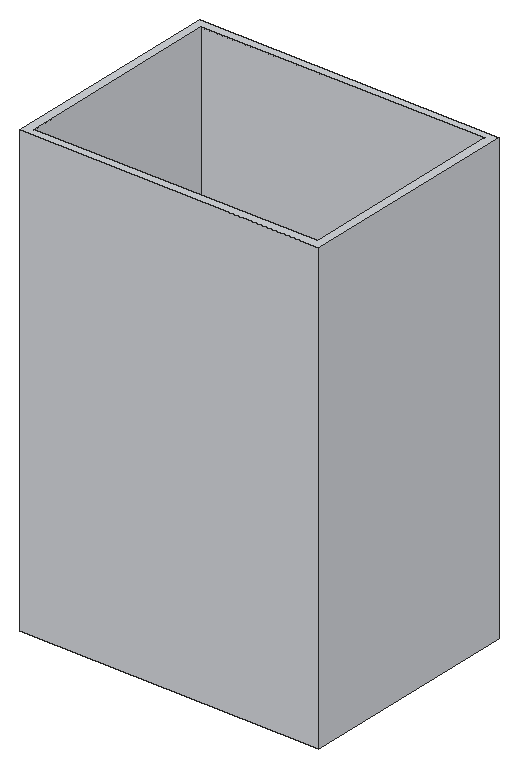
Revit family "Arent Room", category Generic Models, Revit 2021
Family settings
  Can host rebar = No
  Round Connector Dimension = Use Diameter
  Part Type = Normal
  Work Plane-Based = No
  Always vertical = Yes
  Cut with Voids When Loaded = No
  Shared = No
  Room Calculation Point = No
Parameters
  Width [instance] = 1500 mm
  Thickness [instance] = 50 mm
  Lenght [instance] = 2000 mm
  Height [instance] = 3000 mm
  Default Elevation = 0 mm
Reference planes
  plane 1 "Center (Front/Back)": y = 0
  plane 2: z = 0
  plane 3 "Center (Left/Right)": x = 0
  plane 4: y = 0
  plane 5: y = -1500
  plane 6: x = 0
  plane 7: x = 2000
  plane 8: z = 3000
  plane 9: y = -50
  plane 10: y = -1450
  plane 11: x = 50
  plane 12: x = 1950
Forms (mm)
  Extrusion 1, solid
    sketch origin (0, 0, 0) x (1, 0, 0) y (0, 1, 0)
      loop
        line (0, 0) -> (0, -1500) -> (2000, -1500) -> (2000, 0) -> (0, 0)
    from 0 to 3000
  Extrusion 2, void
    sketch origin (0, 0, 0) x (1, 0, 0) y (0, 1, 0)
      loop
        line (50, -50) -> (50, -1450) -> (1950, -1450) -> (1950, -50) -> (50, -50)
    from 0 to 3000
Cuts and joins
  Extrusion 2 cuts Extrusion 1
Dimensions and locks
  "Lenght": plane 6 to plane 7
  "Width": plane 4 to plane 5
  "Height": level to plane 8
  "Thickness": plane 4 to plane 9
  "Thickness": plane 10 to plane 5
  "Thickness": plane 6 to plane 11
  "Thickness": plane 12 to plane 7
  aligned and locked: level to plane 2
  aligned and locked: plane 8 to Extrusion 1
  aligned and locked: Extrusion 1 to Extrusion 2
Automatic sketch dimensions
  Extrusion 1 sketch curve to plane 3 "Center (Left/Right)" = 0 mm
  Extrusion 1 sketch curve to plane 5 = 0 mm
  Extrusion 1 sketch curve to plane 7 = 0 mm
  plane 1 "Center (Front/Back)" to Extrusion 1 sketch curve = 0 mm
  Extrusion 2 sketch curve to plane 10 = 0 mm
  Extrusion 2 sketch curve to plane 11 = 0 mm
  Extrusion 2 sketch curve to plane 12 = 0 mm
  Extrusion 2 sketch curve to plane 9 = 0 mm
